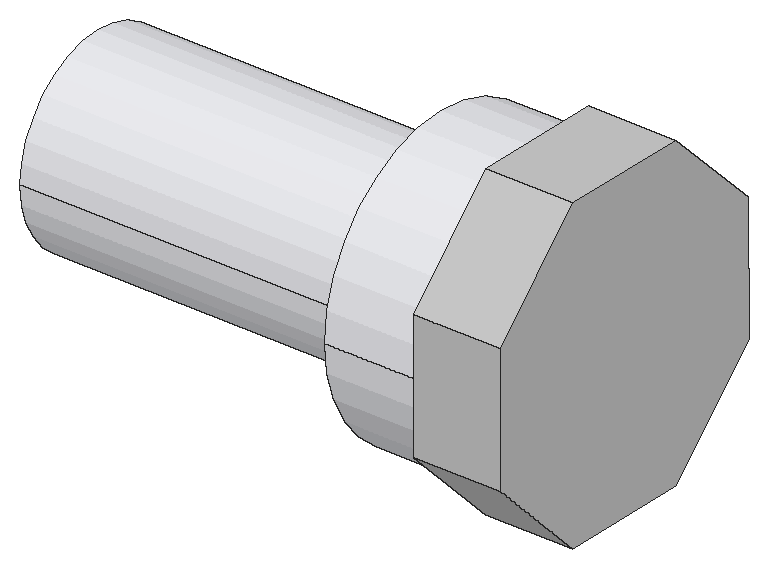
Revit family "PF_Соединение [фитинг полипропиленовый - штуцер с накидной гайкой, внутренняя резьба VTp.722.0]1 - VALTEC", category Соединительные детали трубопроводов, Revit 2019
Family settings
  Размер круглого соединителя = Использовать диаметр
  Тип детали = Соединение
  На основе рабочей плоскости = Нет
  Всегда вертикально = Да
  При загрузке вырезать с полостями = Нет
  Общий = Нет
Parameters (values of type "VTp.722.0")
  Таблица = "PF_Соединение [фитинг полипропиленовый - штуцер с накидной гайкой, внутренняя резьба VTp.722.0] - VALTEC"  # constant formula
  built-in parameter 1114238 [instance] = (empty or 0)
  Отразить [instance] = no
  Материал доп.1 = Сталь, нержавеющая - VALTEC
  Manufacturer = ""
  n [instance] = if(Отразить, 1 mm, 0 mm)  # 0 mm
  l2 [instance] = size_lookup(Таблица, "l2", 0 mm, n, d)  # 0 mm
  l1 [instance] = size_lookup(Таблица, "l1", 0 mm, n, d)  # 0 mm
  dn3 [instance] = size_lookup(Таблица, "dn3", 0 mm, n, d)  # 20 mm
  x2 [instance] = if(Отразить, d, 1 mm)  # 1 mm
  dn2 [instance] = size_lookup(Таблица, "dn2", 0 mm, n, d)  # 30 mm
  x1 [instance] = if(Отразить, 1 mm, d)  # 20 mm
  dn1 [instance] = size_lookup(Таблица, "dn1", 0 mm, n, d)  # 32 mm
  d [instance] = 20 mm
  a3 [instance] = size_lookup(Таблица, "a3", 0 mm, n, d)  # 35.5 mm
  a2 [instance] = size_lookup(Таблица, "a2", 0 mm, n, d)  # 10 mm
  a1 [instance] = size_lookup(Таблица, "a1", 0 mm, n, d)  # 9 mm
  URL = "https://valtec.ru/"
  ADSK_Примечание [instance] = ""
  ADSK_Позиция [instance] = ""
  ADSK_Обозначение [instance] = "VTp.722.0"  # constant formula
  ADSK_Наименование [instance] = size_lookup(Таблица, "", "Данный типоразмер отсутствует", n, d)  # "Фитинг полипропиленовый - штуцер с накидной гайкой, внутренняя резьба,  20 мм x 3/4\""
  ADSK_Материал = Пластик белый - VALTEC
  ADSK_Масса [instance] = size_lookup(Таблица, "Масса", 0, n, d)  # 0.051
  ADSK_Марка [instance] = size_lookup(Таблица, "Маркировка", "Данный типоразмер отсутствует", n, d)  # "20x3/4\""
  ADSK_Код изделия [instance] = size_lookup(Таблица, "Код продукта", "Данный типоразмер отсутствует", n, d)  # "VTp.722.0.02005"
  ADSK_Завод-изготовитель [instance] = "VALTEC"  # constant formula
  ADSK_Единица измерения [instance] = "шт."  # constant formula
  ADSK_URL страницы изделия = "https://valtec.ru/catalog/sistemy_polipropilenovyh_truboprovodov/polipropilenovye_fitingi/fiting_polipropilenovyj_shtucer_s_nakidnoj_gajkoj_vnutrennyaya_rezba_vtp7220.html"
  ADSK_URL документации изделия = "https://valtec.ru/document/technical/VTp.700-fitingi-0419.pdf"
  A [instance] = size_lookup(Таблица, "A", 0 mm, n, d)  # 54.5 mm
Reference planes
  plane 1 "По центру (Вперед/Назад)": y = 0
  plane 2: z = 0
  plane 3 "По центру (Влево/Вправо)": x = 0
  plane 4: y = -10
  plane 5: y = 10
  plane 6: y = -0.5
  plane 7: y = 0.5
  plane 8: x = -27.25
  plane 9: x = 27.25
  plane 10: x = 8.25
  plane 11: x = 18.25
  plane 12: x = 18.25
  plane 13: x = 27.25
  plane 14: x = -27.25
Forms (mm)
  Extrusion 1, solid, material "Пластик белый - VALTEC" <- "ADSK_Материал", detail levels medium+fine
    sketch origin (0, 0, 0) x (0, 1, 0) y (0, 0, 1)
      loop
        circle (0, 0) r 15
    from 8.25 to 18.25
  Extrusion 2, solid, material "Пластик белый - VALTEC" <- "ADSK_Материал", detail levels medium+fine
    sketch origin (0, 0, 0) x (0, 1, 0) y (0, 0, 1)
      loop
        circle (0, 0) r 10
    from -27.25 to 8.25
Cuts and joins
  joined: Extrusion 1, Extrusion 2
Lines and regions (mm)
  reference lines
    curve 1: line (-27.25, 0, 0) -> (27.25, 0, 0)
  model lines, detail levels coarse
    curve 2: line (-27.25, 10, 0) -> (27.25, 0.5, 0)
    curve 3: line (27.25, 0.5, 0) -> (27.25, -0.5, 0)
    curve 4: line (27.25, -0.5, 0) -> (-27.25, -10, 0)
    curve 5: line (-27.25, 10, 0) -> (-27.25, -10, 0)
Dimensions and locks
  equal spacing: plane 5, plane 1 "По центру (Вперед/Назад)", plane 4
  "x1": plane 5 to plane 4
  equal spacing: plane 6, plane 1 "По центру (Вперед/Назад)", plane 7
  "x2": plane 6 to plane 7
  equal spacing: plane 8, plane 3 "По центру (Влево/Вправо)", plane 9
  "A": plane 8 to plane 9
  "a2": plane 10 to plane 11
  "a1": plane 12 to plane 13
  "a3": plane 14 to plane 10
  "l1": plane 8 to plane 14
  "l2": plane 13 to plane 9
  "dn2": diameter of Extrusion 1 sketch curve
  "dn3": diameter of Extrusion 2 sketch curve
  aligned and locked: level to plane 2
  aligned and locked: level to Extrusion 1 sketch curve
  aligned and locked: plane 1 "По центру (Вперед/Назад)" to Extrusion 1 sketch curve
  aligned and locked: level to Extrusion 2 sketch curve
  aligned and locked: plane 1 "По центру (Вперед/Назад)" to Extrusion 2 sketch curve
  aligned and locked: plane 11 to Extrusion 1
  aligned and locked: Extrusion 1 to plane 10
  aligned and locked: plane 9 to curve 1
  aligned and locked: plane 8 to curve 1
  aligned and locked: plane 9 to curve 2
  aligned and locked: plane 7 to curve 2
  aligned and locked: plane 6 to curve 3
  aligned and locked: plane 8 to curve 4
  aligned and locked: plane 5 to curve 5
  aligned and locked: plane 4 to curve 5
  aligned and locked: curve 5 to plane 8
  aligned and locked: plane 1 "По центру (Вперед/Назад)" to curve 1
  aligned and locked: plane 10 to Extrusion 2
  aligned and locked: Extrusion 2 to plane 14
  aligned and locked: nested 1 to plane 1 "По центру (Вперед/Назад)"
  aligned and locked: level to nested 1
  aligned and locked: nested 1 to plane 12
Nested families
  nested 1: "Гайка - горизонталь" at (22.75, 0, 0) x (1, 0, 0) z (0, 0.9239, 0.3827), d <- "dn1", l <- "a1", ADSK_Материал <- "Материал доп.1", type "Гайка - горизонталь", detail levels medium+fine
    with l 9 mm, d 32 mm, ADSK_Материал Сталь, нержавеющая - VALTEC
Connectors
  piping at (-27.25, 0, 0), diameter 20, driven by "d"
    settings: on curve 1, index 1, connector inside diameter 609.6 mm, connector length 0 mm, flow factor 0, pipe flow 0.0 L/s, pressure drop 0.0 Pa, fitting loss kfactor 0, connector angle 0.00°, fixture units 0, engagement length 0 mm, angle of deflection 0.00°, flow configuration 0, flow direction 0, fitting loss method 0, system type 28, joint type 0, gender type 0, connector reference index 2, connector utility 0, adjustable connector no, is connector primary yes, connector description ""
  piping at (27.25, 0, 0), diameter 20, driven by "d"
    settings: on curve 1, index 2, connector inside diameter 609.6 mm, connector length 0 mm, flow factor 0, pipe flow 0.0 L/s, pressure drop 0.0 Pa, fitting loss kfactor 0, connector angle 0.00°, fixture units 0, engagement length 0 mm, angle of deflection 0.00°, flow configuration 0, flow direction 0, fitting loss method 0, system type 28, joint type 0, gender type 0, connector reference index 1, connector utility 0, adjustable connector no, is connector primary no, connector description ""
Definition of nested family "Гайка - горизонталь"
  Parameters (values of type "Гайка - горизонталь")
    d [instance] = 588.881 mm
    l [instance] = 637.4 mm
    ADSK_Материал [instance] = none
  Reference planes
    plane 1 "По центру (Вперед/Назад)": y = 0
    plane 2: z = 0
    plane 3 "По центру (Влево/Вправо)": x = 0
    plane 4: y = 318.7
    plane 5: y = -318.7
    plane 6: through (0, -912.519, 2972.425) normal (0, -0.9239, -0.3827)
    plane 7: through (0, -1234.338, 2979.956) normal (0, -0.9239, -0.3827)
    plane 8: through (0, -1556.157, 2987.486) normal (0, -0.9239, -0.3827)
    plane 9: through (0, 1234.338, 2979.956) normal (0, -0.9239, 0.3827)
    plane 10: through (0, -2420.114, 1321.144) normal (0, -0.3827, -0.9239)
    plane 11: through (0, -2532.792, 1049.117) normal (0, -0.3827, -0.9239)
    plane 12: through (0, -2645.469, 777.089) normal (0, -0.3827, -0.9239)
    plane 13: through (0, 2420.114, 1321.144) normal (0, -0.3827, 0.9239)
    plane 14: through (0, 2532.792, 1049.117) normal (0, -0.3827, 0.9239)
    plane 15: through (0, 2645.469, 777.089) normal (0, -0.3827, 0.9239)
    plane 16: through (0, 912.519, 2972.425) normal (0, -0.9239, 0.3827)
    plane 17: through (0, 1234.338, 2979.956) normal (0, -0.9239, 0.3827)
    plane 18: through (0, 1556.157, 2987.486) normal (0, -0.9239, 0.3827)
    plane 19: x = 318.7
    plane 20: x = -318.7
  Forms (mm)
    Extrusion 1, solid, material <- "ADSK_Материал"
      sketch origin (0, 0, 0) x (0, 1, 0) y (0, 0, 1)
        loop
          line (0, 318.7) -> (-225.355, 225.355) -> (-318.7, 0) -> (-225.355, -225.355) -> (0, -318.7) -> (225.355, -225.355) -> (318.7, 0) -> (225.355, 225.355) -> (0, 318.7)
      from -318.7 to 318.7
  Lines and regions (mm)
    reference lines
      curve 1: line (0, -112.677, -272.027) -> (0, 112.677, 272.027)
      curve 2: line (0, -272.027, 112.677) -> (0, 272.027, -112.677)
  Dimensions and locks
    equal spacing: plane 4, plane 1 "По центру (Вперед/Назад)", plane 5
    locked: plane 4 to plane 5 at 637.4
    equal spacing: plane 8, plane 7, plane 6
    "d": plane 8 to plane 6
    equal spacing: plane 12, plane 11, plane 10
    "d": plane 12 to plane 10
    equal spacing: plane 15, plane 14, plane 13
    "d": plane 15 to plane 13
    equal spacing: plane 18, plane 17, plane 16
    "d": plane 18 to plane 16
    equal spacing: plane 20, plane 3 "По центру (Влево/Вправо)", plane 19
    "l": plane 20 to plane 19
    aligned and locked: level to plane 2
    aligned and locked: plane 10 to Extrusion 1 sketch curve
    aligned and locked: plane 13 to Extrusion 1 sketch curve
    aligned and locked: plane 16 to Extrusion 1 sketch curve
    aligned and locked: Extrusion 1 sketch curve to plane 8
    aligned and locked: Extrusion 1 sketch curve to plane 12
    aligned and locked: Extrusion 1 sketch curve to plane 15
    aligned and locked: Extrusion 1 sketch curve to plane 18
    aligned and locked: plane 6 to Extrusion 1 sketch curve
    aligned and locked: plane 19 to Extrusion 1
    aligned and locked: plane 20 to Extrusion 1
    aligned and locked: Extrusion 1 to plane 19
    aligned and locked: plane 16 to curve 2
    aligned and locked: plane 18 to curve 2
    aligned and locked: curve 2 to plane 11
    aligned and locked: plane 12 to curve 1
    aligned and locked: plane 10 to curve 1
    aligned and locked: curve 1 to plane 17
